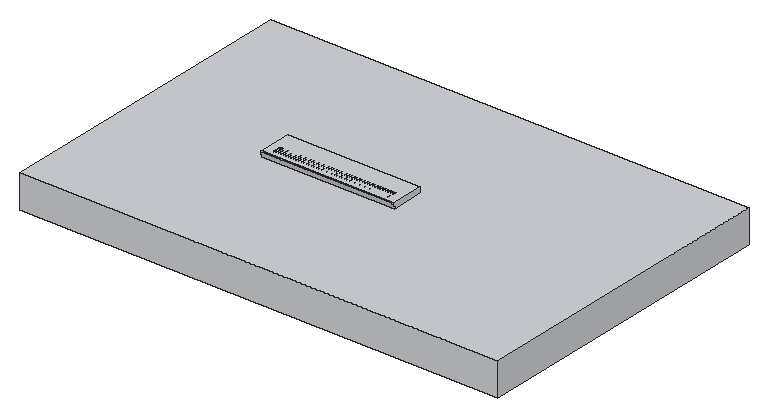
Revit family
Parameters
  Width = 1' - 0"
  URL = "www.coldspringgranite.com"
  TypicalJointSize = 0' - 0 1/4"
  StopCarborundumRight = 0' - 3"
  StopCarborundumLeft = 0' - 3"
  StoneMaterial = none
  SettingSpace = AirGap + Height  # 0' - 2 15/16"
  RightCarborundumVisibilityOn = not(RightCarborundumVisibilityOff)  # no
  RightCarborundumVisibilityOff = StopCarborundumRight > 0' 0"  # yes
  Product Name = "Stair Tread Stone for Veneered Application - Splayed Front Edge with Four Carborundum Strips"
  Product Documentation Link = "http://www.coldspringgranite.com/BIM_Families/Family_Detail/Stair_Tread_Stone_for_Veneered_Application_–_Splayed_Front_Edge_with_Four_Carborundum_Strips/"
  PhoneNumber = "800-551-7502"
  Notes = ""
  NosingRadius = 0' - 0 1/4"
  Model = "N/A"
  Manufacturer = "Cold Spring Granite Company"
  Low Emitting Material = yes
  Low Emitting Finish = yes
  Location = "17482 Granite West Road, Cold Spring, MN 56320-4578"
  Length = 4' - 0"
  LeftCarborundumVisibilityOff = StopCarborundumLeft > 0' 0"  # yes
  LEED Credit = ""
  Keynote = "096340"
  JointRightOff = no
  JointRight = if(JointRightOff, 0' 0", TypicalJointSize / 2)  # 0' - 0 1/8"
  JointLeftOff = no
  JointLeft = if(JointLeftOff, 0' 0", TypicalJointSize / 2)  # 0' - 0 1/8"
  Height = 0' - 1 15/16"
  Description = "Stone Stair Tread Veneer Splayed Quadruple Carborundum"
  Default Elevation = 0' - 0"
  CarborundumWidth = 0' - 0 3/8"
  LeftCarborundumVisibilityOn = not(LeftCarborundumVisibilityOff)  # no
  CarborundumSpacing = 0' - 0 1/2"
  CarborundumSetBack = 0' - 2"
  CarborundumDepth = 0' - 0 1/4"
  Assembly Code = "C2010100"
  AngledHeadDepth = 0' - 0 1/2"
  AirGap = 0' - 1"
  ADA Compliant = yes
Reference planes (in)
  plane 1 "Center (Front/Back)": y = 0
  plane 2: z = 0
  plane 3 "Center (Left/Right)": x = 0
  plane 4 "StoneLeft": x = 0.125
  plane 5 "StoneRight": x = 47.875
  plane 6 "Right": x = 48
  plane 7 "CarborundumLeft": x = 3.125
  plane 8 "CarborundumRight": x = 44.875
  plane 9 "StoneBack": y = 12
  plane 10 "StoneFace": z = 2.9375
  plane 11: z = 2.6875
  plane 12 "StoneBottom": z = 1
  plane 13 "FirstCarborundumFront": y = 2
  plane 14 "FirstCarborundumBack": y = 2.375
  plane 15 "AngleHead": y = 0.5
  plane 16 "CarborundumBottom": z = 2.6875
  plane 17 "SecondCarborundumFront": y = 2.875
  plane 18 "SecondCarborundumBack": y = 3.25
  plane 19 "ThirdCarborundumFront": y = 3.75
  plane 20 "ThirdCarborundumBack": y = 4.125
  plane 21 "FourthCarborundumFront": y = 4.625
  plane 22 "FourthCarborundumBack": y = 5
Forms (in)
  Extrusion 1, solid
    sketch origin (0, 0, 0) x (1, 0, 0) y (0, 1, 0)
      loop
        line (-48, 64.5) -> (-48, -48) -> (124.0595, -48) -> (124.0595, 64.5) -> (-48, 64.5)
    from 0 to -12
  Extrusion 2, solid, material <- "StoneMaterial", detail levels medium+fine
    sketch origin (0, 0, 0) x (0, 1, 0) y (0, 0, 1)
      loop
        line (12, 1) -> (12, 2.9375) -> (0.32271, 2.9375)
        arc (0.32271, 2.9375) -> (0.12507, 2.84061) -> (0.08064, 2.62503) r 0.25
        line (0.08064, 2.62503) -> (0.5, 1) -> (12, 1)
    from 0.125 to 47.875
  Extrusion 3, void
    sketch origin (0, 0, 0) x (0, 1, 0) y (0, 0, 1)
      loop
        line (2.375, 2.9375) -> (2, 2.9375) -> (2, 2.6875) -> (2.375, 2.6875) -> (2.375, 2.9375)
      loop
        line (3.25, 2.9375) -> (2.875, 2.9375) -> (2.875, 2.6875) -> (3.25, 2.6875) -> (3.25, 2.9375)
      loop
        line (4.125, 2.9375) -> (3.75, 2.9375) -> (3.75, 2.6875) -> (4.125, 2.6875) -> (4.125, 2.9375)
      loop
        line (5, 2.9375) -> (4.625, 2.9375) -> (4.625, 2.6875) -> (5, 2.6875) -> (5, 2.9375)
    from 3.125 to 44.875
  Extrusion 4, solid, material <- "StoneMaterial", detail levels coarse
    sketch origin (0, 0, 0) x (0, 1, 0) y (0, 0, 1)
      loop
        line (12, 1) -> (12, 2.9375) -> (0, 2.9375) -> (0.5, 1) -> (12, 1)
    from 0 to 48
Cuts and joins
  Extrusion 3 cuts Extrusion 2
Lines and regions (in)
  Masking region 1, detail levels coarse
    outline origin (0, 0, 0) x (1, 0, 0) y (0, 1, 0)
      loop
        line (0, 12) -> (0, 0) -> (48, 0) -> (48, 12) -> (0, 12)
  Masking region 2, detail levels medium+fine
    outline origin (0, 0, 0) x (1, 0, 0) y (0, 1, 0)
      loop
        line (0.125, 12) -> (0.125, 0) -> (47.875, 0) -> (47.875, 12) -> (0.125, 12)
  Masking region 3, detail levels coarse
    outline origin (0, 0, 0) x (0, 1, 0) y (0, 0, 1)
      loop
        line (12, 1) -> (12, 2.9375) -> (0, 2.9375) -> (0.5, 1) -> (12, 1)
  Masking region 4, detail levels fine
    outline origin (0, 0, 0) x (0, 1, 0) y (0, 0, 1)
      loop
        line (12, 2.9375) -> (5, 2.9375) -> (5, 2.6875) -> (4.625, 2.6875) -> (4.625, 2.9375) -> (4.125, 2.9375) -> (4.125, 2.6875) -> (3.75, 2.6875) -> (3.75, 2.9375) -> (3.25, 2.9375) -> (3.25, 2.6875) -> (2.875, 2.6875) -> (2.875, 2.9375) -> (2.375, 2.9375) -> (2.375, 2.6875) -> (2, 2.6875) -> (2, 2.9375) -> (0.32271, 2.9375) -> (0, 2.9375) -> (0.08064, 2.62503) -> (0.5, 1) -> (12, 1) -> (12, 2.9375)
  Masking region 5, visible <- "LeftCarborundumVisibilityOn", detail levels medium
    outline origin (0, 0, 0) x (0, 1, 0) y (0, 0, 1)
      loop
        line (12, 2.9375) -> (5, 2.9375) -> (5, 2.6875) -> (4.625, 2.6875) -> (4.625, 2.9375) -> (4.125, 2.9375) -> (4.125, 2.6875) -> (3.75, 2.6875) -> (3.75, 2.9375) -> (3.25, 2.9375) -> (3.25, 2.6875) -> (2.875, 2.6875) -> (2.875, 2.9375) -> (2.375, 2.9375) -> (2.375, 2.6875) -> (2, 2.6875) -> (2, 2.9375) -> (0.32271, 2.9375) -> (0, 2.9375) -> (0.08064, 2.62503) -> (0.5, 1) -> (12, 1) -> (12, 2.9375)
  Masking region 6, visible <- "LeftCarborundumVisibilityOff", detail levels medium
    outline origin (0, 0, 0) x (0, 1, 0) y (0, 0, 1)
      loop
        line (12, 1) -> (12, 2.9375) -> (0.32271, 2.9375) -> (0, 2.9375) -> (0.08064, 2.62503) -> (0.5, 1) -> (12, 1)
  Masking region 7, visible <- "RightCarborundumVisibilityOn", detail levels medium
    outline origin (48, 0, 0) x (0, 1, 0) y (0, 0, 1)
      loop
        line (0.32271, 2.9375) -> (0, 2.9375) -> (0.08064, 2.62503) -> (0.5, 1) -> (12, 1) -> (12, 2.9375) -> (5, 2.9375) -> (5, 2.6875) -> (4.625, 2.6875) -> (4.625, 2.9375) -> (4.125, 2.9375) -> (4.125, 2.6875) -> (3.75, 2.6875) -> (3.75, 2.9375) -> (3.25, 2.9375) -> (3.25, 2.6875) -> (2.875, 2.6875) -> (2.875, 2.9375) -> (2.375, 2.9375) -> (2.375, 2.6875) -> (2, 2.6875) -> (2, 2.9375) -> (0.32271, 2.9375)
  Masking region 8, visible <- "RightCarborundumVisibilityOff", detail levels medium
    outline origin (48, 0, 0) x (0, 1, 0) y (0, 0, 1)
      loop
        line (0.32271, 2.9375) -> (0, 2.9375) -> (0.08064, 2.62503) -> (0.5, 1) -> (12, 1) -> (12, 2.9375) -> (0.32271, 2.9375)
  Masking region 9, detail levels coarse
    outline origin (0, 0, 0) x (1, 0, 0) y (0, 0, 1)
      loop
        line (0, 2.9375) -> (0, 1) -> (48, 1) -> (48, 2.9375) -> (0, 2.9375)
  Masking region 10, detail levels medium+fine
    outline origin (0, 0, 0) x (1, 0, 0) y (0, 0, 1)
      loop
        line (0.125, 2.9375) -> (0.125, 1) -> (47.875, 1) -> (47.875, 2.9375) -> (0.125, 2.9375)
  symbolic lines, detail levels medium+fine
    curve 1: line (3.125, 2.375, 0) -> (44.875, 2.375, 0)
    curve 2: line (44.875, 2, 0) -> (3.125, 2, 0)
    curve 3: line (44.875, 2.375, 0) -> (44.875, 2, 0)
    curve 8: line (3.125, 2.375, 0) -> (3.125, 2, 0)
    curve 9: arc (0, 0.32271, 2.9375) -> (0, 0.12507, 2.84061) -> (0, 0.08064, 2.62503) r 0.25
    curve 10: line (44.875, 4.125, 0) -> (3.125, 4.125, 0)
    curve 11: line (44.875, 3.75, 0) -> (3.125, 3.75, 0)
    curve 12: line (44.875, 3.25, 0) -> (3.125, 3.25, 0)
    curve 13: line (44.875, 2.875, 0) -> (3.125, 2.875, 0)
    curve 14: line (3.125, 3.25, 0) -> (3.125, 2.875, 0)
    curve 15: line (3.125, 4.125, 0) -> (3.125, 3.75, 0)
    curve 16: line (44.875, 4.125, 0) -> (44.875, 3.75, 0)
    curve 17: line (44.875, 3.25, 0) -> (44.875, 2.875, 0)
    curve 18: line (3.125, 5, 0) -> (44.875, 5, 0)
    curve 19: line (3.125, 4.625, 0) -> (3.125, 5, 0)
    curve 20: line (44.875, 4.625, 0) -> (3.125, 4.625, 0)
    curve 21: line (44.875, 5, 0) -> (44.875, 4.625, 0)
  reference lines
    curve 4: line (0, 0, 2.9375) -> (0, 0.5, 1)
    curve 5: line (0, 1.97306, -3.70763) -> (0, 0.14753, 3.36632)
    curve 6: line (0, 0.32271, 2.6875) -> (0, 0.32271, 6.4375)
    curve 7: line (0, 0.32271, 2.6875) -> (0, -2.58213, 1.93787)
Dimensions and locks (in)
  "Length": plane 3 "Center (Left/Right)" to plane 6 "Right"
  "JointLeft": plane 3 "Center (Left/Right)" to plane 4 "StoneLeft"
  "JointRight": plane 5 "StoneRight" to plane 6 "Right"
  "Width": plane 1 "Center (Front/Back)" to plane 9 "StoneBack"
  "StopCarborundumLeft": plane 7 "CarborundumLeft" to plane 4 "StoneLeft"
  "StopCarborundumRight": plane 5 "StoneRight" to plane 8 "CarborundumRight"
  "SettingSpace": plane 10 "StoneFace" to plane 2
  "CarborundumDepth": plane 10 "StoneFace" to plane 11
  "CarborundumSetBack": plane 13 "FirstCarborundumFront" to plane 1 "Center (Front/Back)"
  "CarborundumWidth": plane 14 "FirstCarborundumBack" to plane 13 "FirstCarborundumFront"
  "Height": plane 10 "StoneFace" to plane 12 "StoneBottom"
  "AngledHeadDepth": plane 15 "AngleHead" to plane 1 "Center (Front/Back)"
  "NosingRadius": plane 10 "StoneFace" to plane 16 "CarborundumBottom"
  "NosingRadius": curve 4 to curve 5
  "CarborundumSpacing": plane 17 "SecondCarborundumFront" to plane 14 "FirstCarborundumBack"
  "CarborundumWidth": plane 18 "SecondCarborundumBack" to plane 17 "SecondCarborundumFront"
  "CarborundumSpacing": plane 19 "ThirdCarborundumFront" to plane 18 "SecondCarborundumBack"
  "CarborundumWidth": plane 20 "ThirdCarborundumBack" to plane 19 "ThirdCarborundumFront"
  "CarborundumSpacing": plane 21 "FourthCarborundumFront" to plane 20 "ThirdCarborundumBack"
  "CarborundumWidth": plane 22 "FourthCarborundumBack" to plane 21 "FourthCarborundumFront"
  "NosingRadius": radius of Extrusion 2 sketch curve
  angle plane 16 "CarborundumBottom" to curve 6 = 90.00°
  angle curve 5 to curve 7 = 90.00°
  aligned and locked: Extrusion 1 to plane 2
  aligned and locked: level to Extrusion 1
  aligned and locked: curve 1 to plane 14 "FirstCarborundumBack"
  aligned and locked: curve 3 to plane 8 "CarborundumRight"
  aligned and locked: plane 1 "Center (Front/Back)" to curve 4
  aligned and locked: plane 10 "StoneFace" to curve 4
  aligned and locked: plane 12 "StoneBottom" to curve 4
  aligned and locked: plane 15 "AngleHead" to curve 4
  aligned and locked: plane 9 "StoneBack" to Extrusion 2 sketch curve
  aligned and locked: plane 10 "StoneFace" to Extrusion 2 sketch curve  (x2)
  aligned and locked: curve 6 to Extrusion 2 sketch curve
  aligned and locked: curve 7 to Extrusion 2 sketch curve
  aligned and locked: curve 4 to Extrusion 2 sketch curve
  aligned and locked: plane 5 "StoneRight" to Extrusion 2
  aligned and locked: Extrusion 2 to plane 4 "StoneLeft"
  aligned and locked: Extrusion 3 sketch curve to plane 10 "StoneFace"  (x3)
  aligned and locked: Extrusion 3 sketch curve to plane 14 "FirstCarborundumBack"
  aligned and locked: plane 11 to Extrusion 3 sketch curve  (x4)
  aligned and locked: plane 13 "FirstCarborundumFront" to Extrusion 3 sketch curve
  aligned: plane 5 "StoneRight" to Extrusion 3
  aligned: Extrusion 3 to plane 4 "StoneLeft"
  aligned and locked: plane 8 "CarborundumRight" to Extrusion 3
  aligned and locked: Extrusion 3 to plane 7 "CarborundumLeft"
  aligned and locked: plane 9 "StoneBack" to Extrusion 4 sketch curve
  aligned and locked: plane 10 "StoneFace" to Extrusion 4 sketch curve
  aligned and locked: Extrusion 4 sketch curve to cut or joined group of Extrusion 2, Extrusion 3
  aligned and locked: plane 6 "Right" to Extrusion 4
  aligned and locked: Extrusion 4 to plane 3 "Center (Left/Right)"
  aligned and locked: cut or joined group of Extrusion 2, Extrusion 3 to curve 8
  aligned and locked: Extrusion 4 sketch curve to plane 12 "StoneBottom"
  aligned and locked: Extrusion 2 sketch curve to plane 12 "StoneBottom"
  aligned and locked: Masking region 1 sketch curve to plane 9 "StoneBack"
  aligned and locked: plane 3 "Center (Left/Right)" to Masking region 1 sketch curve
  aligned and locked: Masking region 1 sketch curve to plane 6 "Right"
  aligned and locked: Masking region 1 sketch curve to plane 1 "Center (Front/Back)"
  aligned and locked: Masking region 2 sketch curve to plane 9 "StoneBack"
  aligned and locked: plane 4 "StoneLeft" to Masking region 2 sketch curve
  aligned and locked: Masking region 2 sketch curve to plane 5 "StoneRight"
  aligned and locked: Masking region 2 sketch curve to plane 1 "Center (Front/Back)"
  aligned and locked: plane 9 "StoneBack" to Masking region 3 sketch curve
  aligned and locked: plane 10 "StoneFace" to Masking region 3 sketch curve
  aligned and locked: plane 12 "StoneBottom" to Masking region 3 sketch curve
  aligned and locked: Masking region 3 sketch curve to curve 4
  aligned and locked: plane 10 "StoneFace" to Masking region 4 sketch curve  (x3)
  aligned and locked: plane 9 "StoneBack" to Masking region 4 sketch curve
  aligned and locked: plane 12 "StoneBottom" to Masking region 4 sketch curve
  aligned and locked: curve 4 to Masking region 4 sketch curve
  aligned and locked: curve 6 to Masking region 4 sketch curve
  aligned and locked: curve 7 to Masking region 4 sketch curve
  aligned and locked: plane 1 "Center (Front/Back)" to Masking region 4 sketch curve
  aligned and locked: curve 6 to curve 9
  aligned and locked: plane 10 "StoneFace" to curve 9
  aligned and locked: curve 4 to curve 9
  aligned and locked: curve 7 to curve 9
  aligned and locked: plane 14 "FirstCarborundumBack" to Masking region 4 sketch curve
  aligned and locked: plane 13 "FirstCarborundumFront" to Masking region 4 sketch curve
  aligned and locked: plane 11 to Masking region 4 sketch curve  (x3)
  aligned and locked: plane 10 "StoneFace" to Masking region 5 sketch curve  (x3)
  aligned and locked: plane 9 "StoneBack" to Masking region 5 sketch curve
  aligned and locked: plane 12 "StoneBottom" to Masking region 5 sketch curve
  aligned and locked: plane 11 to Masking region 5 sketch curve  (x3)
  aligned and locked: curve 6 to Masking region 5 sketch curve
  aligned and locked: curve 4 to Masking region 5 sketch curve
  aligned and locked: curve 7 to Masking region 5 sketch curve
  aligned and locked: plane 1 "Center (Front/Back)" to Masking region 5 sketch curve
  aligned and locked: plane 9 "StoneBack" to Masking region 6 sketch curve
  aligned and locked: plane 10 "StoneFace" to Masking region 6 sketch curve  (x3)
  aligned and locked: plane 12 "StoneBottom" to Masking region 6 sketch curve
  aligned and locked: curve 7 to Masking region 6 sketch curve
  aligned and locked: curve 4 to Masking region 6 sketch curve
  aligned and locked: curve 6 to Masking region 6 sketch curve
  aligned and locked: plane 1 "Center (Front/Back)" to Masking region 6 sketch curve
  aligned and locked: Masking region 7 sketch curve to plane 13 "FirstCarborundumFront"
  aligned and locked: Masking region 7 sketch curve to plane 11
  aligned and locked: Masking region 7 sketch curve to plane 14 "FirstCarborundumBack"
  aligned and locked: Masking region 7 sketch curve to plane 9 "StoneBack"
  aligned and locked: Masking region 7 sketch curve to plane 12 "StoneBottom"
  aligned and locked: curve 4 to Masking region 7 sketch curve
  aligned and locked: curve 6 to Masking region 7 sketch curve
  aligned and locked: plane 10 "StoneFace" to Masking region 7 sketch curve  (x2)
  aligned and locked: curve 7 to Masking region 7 sketch curve
  aligned and locked: plane 1 "Center (Front/Back)" to Masking region 7 sketch curve
  aligned and locked: Masking region 8 sketch curve to plane 12 "StoneBottom"
  aligned and locked: Masking region 8 sketch curve to plane 9 "StoneBack"
  aligned and locked: curve 6 to Masking region 8 sketch curve
  aligned and locked: curve 7 to Masking region 8 sketch curve
  aligned and locked: curve 4 to Masking region 8 sketch curve
  aligned and locked: plane 10 "StoneFace" to Masking region 8 sketch curve  (x2)
  aligned and locked: plane 1 "Center (Front/Back)" to Masking region 8 sketch curve
  aligned and locked: plane 13 "FirstCarborundumFront" to Masking region 5 sketch curve
  aligned and locked: plane 14 "FirstCarborundumBack" to Masking region 5 sketch curve
  aligned and locked: plane 3 "Center (Left/Right)" to Masking region 9 sketch curve
  aligned and locked: plane 12 "StoneBottom" to Masking region 9 sketch curve
  aligned and locked: Masking region 9 sketch curve to plane 6 "Right"
  aligned and locked: Masking region 9 sketch curve to plane 10 "StoneFace"
  aligned and locked: Masking region 10 sketch curve to plane 10 "StoneFace"
  aligned and locked: plane 4 "StoneLeft" to Masking region 10 sketch curve
  aligned and locked: plane 12 "StoneBottom" to Masking region 10 sketch curve
  aligned and locked: Masking region 10 sketch curve to plane 5 "StoneRight"
  aligned and locked: Extrusion 3 sketch curve to plane 17 "SecondCarborundumFront"
  aligned and locked: plane 18 "SecondCarborundumBack" to Extrusion 3 sketch curve
  aligned and locked: Extrusion 3 sketch curve to plane 19 "ThirdCarborundumFront"
  aligned and locked: plane 20 "ThirdCarborundumBack" to Extrusion 3 sketch curve
  aligned and locked: plane 20 "ThirdCarborundumBack" to Masking region 4 sketch curve
  aligned and locked: plane 19 "ThirdCarborundumFront" to Masking region 4 sketch curve
  aligned and locked: plane 18 "SecondCarborundumBack" to Masking region 4 sketch curve
  aligned and locked: plane 17 "SecondCarborundumFront" to Masking region 4 sketch curve
  aligned and locked: plane 20 "ThirdCarborundumBack" to Masking region 5 sketch curve
  aligned and locked: plane 19 "ThirdCarborundumFront" to Masking region 5 sketch curve
  aligned and locked: plane 18 "SecondCarborundumBack" to Masking region 5 sketch curve
  aligned and locked: plane 17 "SecondCarborundumFront" to Masking region 5 sketch curve
  aligned and locked: plane 17 "SecondCarborundumFront" to Masking region 7 sketch curve
  aligned and locked: plane 18 "SecondCarborundumBack" to Masking region 7 sketch curve
  aligned and locked: plane 19 "ThirdCarborundumFront" to Masking region 7 sketch curve
  aligned and locked: plane 20 "ThirdCarborundumBack" to Masking region 7 sketch curve
  aligned and locked: plane 11 to Masking region 7 sketch curve  (x2)
  aligned and locked: plane 7 "CarborundumLeft" to curve 2
  aligned and locked: plane 7 "CarborundumLeft" to curve 1
  aligned and locked: plane 8 "CarborundumRight" to curve 2
  aligned and locked: plane 13 "FirstCarborundumFront" to curve 3
  aligned and locked: plane 14 "FirstCarborundumBack" to curve 3
  aligned and locked: plane 13 "FirstCarborundumFront" to curve 8
  aligned and locked: plane 7 "CarborundumLeft" to curve 12
  aligned and locked: plane 8 "CarborundumRight" to curve 10
  aligned and locked: plane 8 "CarborundumRight" to curve 11
  aligned and locked: plane 20 "ThirdCarborundumBack" to curve 15
  aligned and locked: plane 19 "ThirdCarborundumFront" to curve 15
  aligned and locked: plane 18 "SecondCarborundumBack" to curve 14
  aligned and locked: plane 17 "SecondCarborundumFront" to curve 14
  aligned and locked: plane 20 "ThirdCarborundumBack" to curve 16
  aligned and locked: plane 19 "ThirdCarborundumFront" to curve 16
  aligned and locked: plane 18 "SecondCarborundumBack" to curve 17
  aligned and locked: plane 17 "SecondCarborundumFront" to curve 17
  aligned and locked: Extrusion 3 sketch curve to cut or joined group of Extrusion 2, Extrusion 3
  aligned and locked: plane 22 "FourthCarborundumBack" to Extrusion 3 sketch curve
  aligned and locked: Extrusion 3 sketch curve to plane 21 "FourthCarborundumFront"
  aligned and locked: plane 22 "FourthCarborundumBack" to Masking region 5 sketch curve
  aligned and locked: plane 21 "FourthCarborundumFront" to Masking region 5 sketch curve
  aligned and locked: plane 22 "FourthCarborundumBack" to Masking region 4 sketch curve
  aligned and locked: plane 21 "FourthCarborundumFront" to Masking region 4 sketch curve
  aligned and locked: plane 22 "FourthCarborundumBack" to Masking region 7 sketch curve
  aligned and locked: plane 21 "FourthCarborundumFront" to Masking region 7 sketch curve
  aligned and locked: plane 7 "CarborundumLeft" to curve 18
  aligned and locked: plane 21 "FourthCarborundumFront" to curve 19
  aligned and locked: plane 7 "CarborundumLeft" to curve 10
  aligned and locked: plane 7 "CarborundumLeft" to curve 11
  aligned and locked: plane 7 "CarborundumLeft" to curve 13
  aligned and locked: plane 8 "CarborundumRight" to curve 18
  aligned and locked: plane 22 "FourthCarborundumBack" to curve 21
  aligned and locked: plane 8 "CarborundumRight" to curve 20
  aligned and locked: plane 21 "FourthCarborundumFront" to curve 21
  aligned and locked: plane 8 "CarborundumRight" to curve 12
  aligned and locked: plane 8 "CarborundumRight" to curve 13
  aligned and locked: plane 7 "CarborundumLeft" to curve 20
  aligned and locked: plane 22 "FourthCarborundumBack" to curve 19
  aligned and locked: Masking region 5 to plane 11
  aligned and locked: Masking region 4 to plane 11
  aligned and locked: Masking region 7 to plane 11
Automatic sketch dimensions
  Extrusion 1 sketch curve to Extrusion 1 sketch curve = 14' - 4.0595"
  Extrusion 1 sketch curve to Extrusion 1 sketch curve = 9' - 4 1/2"
  curve 6 to plane 16 "CarborundumBottom" = 0' - 0"
  curve 7 to curve 6 = 0' - 0"
  curve 5 to plane 13 "FirstCarborundumFront" = 0' - 0.02694"
  Masking region 5 sketch curve to plane 15 "AngleHead" = 0' - 0"
  Masking region 6 sketch curve to plane 15 "AngleHead" = 0' - 0"
  Masking region 8 sketch curve to plane 15 "AngleHead" = 0' - 0"
  Masking region 4 sketch curve to Masking region 4 sketch curve = 0' - 0"  (x3)
  Masking region 4 sketch curve to plane 11 = 0' - 0"
  Masking region 5 sketch curve to Masking region 5 sketch curve = 0' - 0"  (x3)
  Masking region 5 sketch curve to plane 11 = 0' - 0"
  Masking region 7 sketch curve to Masking region 7 sketch curve = 0' - 0"  (x3)
  Masking region 7 sketch curve to plane 11 = 0' - 0"
  Masking region 7 sketch curve to plane 10 "StoneFace" = 0' - 0"
Nested families (in)
  nested 1: "CopyRight" at (0, 0, 0), type "CopyRight"
Definition of nested family "CopyRight"
  Parameters (values of type "CopyRight")
    CopyRight = "Cold Spring Granite Company"
  Reference planes (in)
    plane 1: z = 0
